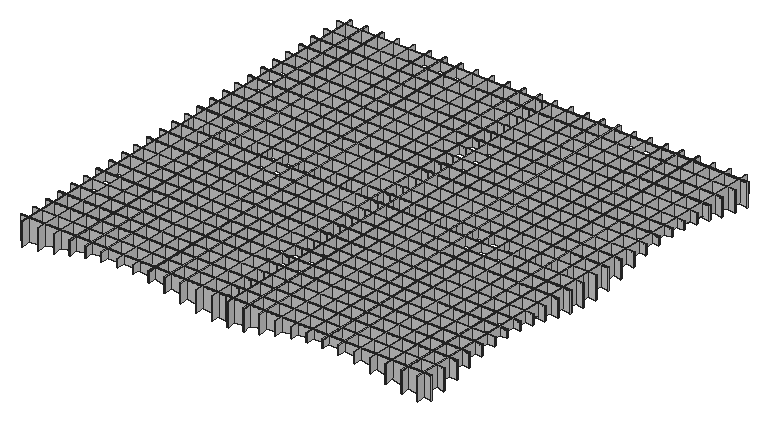
Revit family "CLD-WFL-002_RFA", category Modelos genéricos, Revit 2022 (continued)
Forms (in)
  Extrusion 209, solid, not visible
    sketch origin (86.99978, 104.20833, 0) x (0, -1, 0) y (0, 0, 1)
      loop
        spline (20.52778, 4.85054) -> (21.26115, 4.88062) -> (21.99402, 4.90823) -> (22.72646, 4.93347) -> (23.45851, 4.95644) -> (24.19026, 4.97724) -> (24.92176, 4.99598) -> (25.65309, 5.01275) -> (26.38429, 5.02764) -> (27.11545, 5.04077) -> (27.84661, 5.05223) -> (28.57785, 5.06211) -> (29.30922, 5.07053)
        spline (29.30922, 5.07053) -> (29.95995, 5.07584) -> (30.61094, 5.08009) -> (31.26223, 5.08336) -> (31.91387, 5.08574) -> (32.56591, 5.08733) -> (33.21841, 5.0882) -> (33.87141, 5.08846) -> (34.52497, 5.08817) -> (35.17914, 5.08744) -> (35.83396, 5.08636) -> (36.48949, 5.085) -> (37.14578, 5.08346)
        spline (37.14578, 5.08346) -> (37.87194, 5.08165) -> (38.59907, 5.0799) -> (39.32723, 5.0783) -> (40.05647, 5.07696) -> (40.78684, 5.07594) -> (41.51831, 5.07527) -> (42.25083, 5.07491) -> (42.98434, 5.07483) -> (43.7188, 5.075) -> (44.45413, 5.07538) -> (45.19029, 5.07596) -> (45.92722, 5.0767)
        spline (45.92722, 5.0767) -> (46.57816, 5.07753) -> (47.22964, 5.07843) -> (47.88162, 5.07937) -> (48.53404, 5.08033) -> (49.18687, 5.08128) -> (49.84004, 5.0822) -> (50.49352, 5.08306) -> (51.14725, 5.08383) -> (51.80119, 5.0845) -> (52.45529, 5.08503) -> (53.1095, 5.0854) -> (53.76378, 5.08558)
        spline (53.76378, 5.08558) -> (54.49695, 5.08542) -> (55.23004, 5.08505) -> (55.96301, 5.0845) -> (56.6958, 5.0838) -> (57.42835, 5.08298) -> (58.16062, 5.08206) -> (58.89255, 5.08107) -> (59.62408, 5.08005) -> (60.35517, 5.07902) -> (61.08576, 5.07801) -> (61.81579, 5.07705) -> (62.54522, 5.07616)
        spline (62.54522, 5.07616) -> (63.20286, 5.07551) -> (63.85981, 5.075) -> (64.51602, 5.07466) -> (65.17144, 5.07452) -> (65.82603, 5.0746) -> (66.47973, 5.07493) -> (67.1325, 5.07554) -> (67.78428, 5.07645) -> (68.43505, 5.07766) -> (69.08486, 5.07909) -> (69.73376, 5.08066) -> (70.38178, 5.08229)
        spline (70.38178, 5.08229) -> (71.1172, 5.08386) -> (71.85177, 5.08523) -> (72.58555, 5.08629) -> (73.31859, 5.08695) -> (74.05095, 5.08712) -> (74.78269, 5.08668) -> (75.51386, 5.08555) -> (76.24453, 5.08362) -> (76.97474, 5.08079) -> (77.70455, 5.07697) -> (78.43403, 5.07206) -> (79.16322, 5.06596)
        spline (79.16322, 5.06596) -> (79.81589, 5.05858) -> (80.46845, 5.04989) -> (81.12094, 5.0398) -> (81.77342, 5.02821) -> (82.42595, 5.01505) -> (83.07858, 5.00022) -> (83.73137, 4.98363) -> (84.38439, 4.9652) -> (85.03768, 4.94483) -> (85.6913, 4.92244) -> (86.34531, 4.89793) -> (86.99978, 4.87123)
        spline (86.99978, 4.87123) -> (87.72677, 4.83707) -> (88.45442, 4.80022) -> (89.18281, 4.7606) -> (89.91198, 4.7181) -> (90.642, 4.67263) -> (91.37294, 4.62408) -> (92.10486, 4.57237) -> (92.83781, 4.5174) -> (93.57187, 4.45907) -> (94.3071, 4.39728) -> (95.04355, 4.33194) -> (95.78122, 4.26301)
        spline (95.78122, 4.26301) -> (96.43065, 4.19725) -> (97.08095, 4.12847) -> (97.73207, 4.05667) -> (98.38393, 3.9819) -> (99.03648, 3.90417) -> (99.68963, 3.82352) -> (100.34334, 3.73996) -> (100.99753, 3.65352) -> (101.65213, 3.56424) -> (102.30709, 3.47213) -> (102.96233, 3.37722) -> (103.61778, 3.27954)
        spline (103.61778, 3.27954) -> (103.98302, 3.22342) -> (104.34828, 3.16655) -> (104.71355, 3.10893) -> (105.07882, 3.05057) -> (105.44409, 2.99146) -> (105.80934, 2.93162) -> (106.17456, 2.87105) -> (106.53976, 2.80974) -> (106.9049, 2.74771) -> (107.27, 2.68496) -> (107.63504, 2.62148) -> (108, 2.55729)
        line (108, 2.55729) -> (108, 11.82144)
    from -0.47244 to 0
  Extrusion 210, solid, not visible
    sketch origin (87.47222, 104.20833, 0) x (0, -1, 0) y (0, 0, 1)
      loop
        line (108, 11.82144) -> (0, 11.82144) -> (0, 2.55729)
        spline (0, 2.55729) -> (0.32561, 2.61504) -> (0.65129, 2.67215) -> (0.97702, 2.72862) -> (1.3028, 2.78445) -> (1.62862, 2.83963) -> (1.95447, 2.89415) -> (2.28035, 2.94802) -> (2.60624, 3.00123) -> (2.93213, 3.05379) -> (3.25803, 3.10567) -> (3.58391, 3.15689) -> (3.90978, 3.20744)
        spline (3.90978, 3.20744) -> (4.64427, 3.31686) -> (5.37851, 3.42317) -> (6.11243, 3.52634) -> (6.84596, 3.62635) -> (7.57903, 3.72316) -> (8.31156, 3.81675) -> (9.04347, 3.90709) -> (9.77469, 3.99415) -> (10.50515, 4.07789) -> (11.23478, 4.1583) -> (11.96349, 4.23534) -> (12.69122, 4.30898)
        spline (12.69122, 4.30898) -> (13.34952, 4.37039) -> (14.00673, 4.4286) -> (14.66285, 4.48364) -> (15.31792, 4.53559) -> (15.97202, 4.58455) -> (16.62518, 4.63059) -> (17.27747, 4.67381) -> (17.92894, 4.71429) -> (18.57965, 4.75212) -> (19.22966, 4.78738) -> (19.87902, 4.82016) -> (20.52778, 4.85054)
        spline (20.52778, 4.85054) -> (21.26115, 4.88062) -> (21.99402, 4.90823) -> (22.72646, 4.93347) -> (23.45851, 4.95644) -> (24.19026, 4.97724) -> (24.92176, 4.99598) -> (25.65309, 5.01275) -> (26.38429, 5.02764) -> (27.11545, 5.04077) -> (27.84661, 5.05223) -> (28.57785, 5.06211) -> (29.30922, 5.07053)
        spline (29.30922, 5.07053) -> (29.95995, 5.07584) -> (30.61094, 5.08009) -> (31.26223, 5.08336) -> (31.91387, 5.08574) -> (32.56591, 5.08733) -> (33.21841, 5.0882) -> (33.87141, 5.08846) -> (34.52497, 5.08817) -> (35.17914, 5.08744) -> (35.83396, 5.08636) -> (36.48949, 5.085) -> (37.14578, 5.08346)
        spline (37.14578, 5.08346) -> (37.87194, 5.08165) -> (38.59907, 5.0799) -> (39.32723, 5.0783) -> (40.05647, 5.07696) -> (40.78684, 5.07594) -> (41.51831, 5.07527) -> (42.25083, 5.07491) -> (42.98434, 5.07483) -> (43.7188, 5.075) -> (44.45413, 5.07538) -> (45.19029, 5.07596) -> (45.92722, 5.0767)
        spline (45.92722, 5.0767) -> (46.57816, 5.07753) -> (47.22964, 5.07843) -> (47.88162, 5.07937) -> (48.53404, 5.08033) -> (49.18687, 5.08128) -> (49.84004, 5.0822) -> (50.49352, 5.08306) -> (51.14725, 5.08383) -> (51.80119, 5.0845) -> (52.45529, 5.08503) -> (53.1095, 5.0854) -> (53.76378, 5.08558)
        spline (53.76378, 5.08558) -> (54.49695, 5.08542) -> (55.23004, 5.08505) -> (55.96301, 5.0845) -> (56.6958, 5.0838) -> (57.42835, 5.08298) -> (58.16062, 5.08206) -> (58.89255, 5.08107) -> (59.62408, 5.08005) -> (60.35517, 5.07902) -> (61.08576, 5.07801) -> (61.81579, 5.07705) -> (62.54522, 5.07616)
        spline (62.54522, 5.07616) -> (63.20286, 5.07551) -> (63.85981, 5.075) -> (64.51602, 5.07466) -> (65.17144, 5.07452) -> (65.82603, 5.0746) -> (66.47973, 5.07493) -> (67.1325, 5.07554) -> (67.78428, 5.07645) -> (68.43505, 5.07766) -> (69.08486, 5.07909) -> (69.73376, 5.08066) -> (70.38178, 5.08229)
        spline (70.38178, 5.08229) -> (71.1172, 5.08386) -> (71.85177, 5.08523) -> (72.58555, 5.08629) -> (73.31859, 5.08695) -> (74.05095, 5.08712) -> (74.78269, 5.08668) -> (75.51386, 5.08555) -> (76.24453, 5.08362) -> (76.97474, 5.08079) -> (77.70455, 5.07697) -> (78.43403, 5.07206) -> (79.16322, 5.06596)
        spline (79.16322, 5.06596) -> (79.81589, 5.05858) -> (80.46845, 5.04989) -> (81.12094, 5.0398) -> (81.77342, 5.02821) -> (82.42595, 5.01505) -> (83.07858, 5.00022) -> (83.73137, 4.98363) -> (84.38439, 4.9652) -> (85.03768, 4.94483) -> (85.6913, 4.92244) -> (86.34531, 4.89793) -> (86.99978, 4.87123)
        spline (86.99978, 4.87123) -> (87.72677, 4.83707) -> (88.45442, 4.80022) -> (89.18281, 4.7606) -> (89.91198, 4.7181) -> (90.642, 4.67263) -> (91.37294, 4.62408) -> (92.10486, 4.57237) -> (92.83781, 4.5174) -> (93.57187, 4.45907) -> (94.3071, 4.39728) -> (95.04355, 4.33194) -> (95.78122, 4.26301)
        spline (95.78122, 4.26301) -> (96.43065, 4.19725) -> (97.08095, 4.12847) -> (97.73207, 4.05667) -> (98.38393, 3.9819) -> (99.03648, 3.90417) -> (99.68963, 3.82352) -> (100.34334, 3.73996) -> (100.99753, 3.65352) -> (101.65213, 3.56424) -> (102.30709, 3.47213) -> (102.96233, 3.37722) -> (103.61778, 3.27954)
        spline (103.61778, 3.27954) -> (103.98302, 3.22342) -> (104.34828, 3.16655) -> (104.71355, 3.10893) -> (105.07882, 3.05057) -> (105.44409, 2.99146) -> (105.80934, 2.93162) -> (106.17456, 2.87105) -> (106.53976, 2.80974) -> (106.9049, 2.74771) -> (107.27, 2.68496) -> (107.63504, 2.62148) -> (108, 2.55729)
        line (108, 2.55729) -> (108, 11.82144)
    from -0.11811 to 0
  Extrusion 211, solid, not visible
    sketch origin (95.19067, 104.20833, 0) x (0, -1, 0) y (0, 0, 1)
      loop
        line (108, 11.82144) -> (0, 11.82144) -> (0, 0.88375)
        spline (0, 0.88375) -> (0.32561, 0.94348) -> (0.65129, 1.00296) -> (0.97702, 1.06219) -> (1.3028, 1.12116) -> (1.62862, 1.1799) -> (1.95447, 1.23838) -> (2.28035, 1.29662) -> (2.60624, 1.35462) -> (2.93213, 1.41237) -> (3.25803, 1.46988) -> (3.58391, 1.52715) -> (3.90978, 1.58418)
        spline (3.90978, 1.58418) -> (4.64426, 1.71122) -> (5.37851, 1.8372) -> (6.11243, 1.96212) -> (6.84596, 2.086) -> (7.57903, 2.20885) -> (8.31155, 2.33067) -> (9.04347, 2.45149) -> (9.77469, 2.57131) -> (10.50515, 2.69014) -> (11.23478, 2.80798) -> (11.96349, 2.92486) -> (12.69122, 3.04079)
        spline (12.69122, 3.04079) -> (13.34952, 3.14441) -> (14.00673, 3.24717) -> (14.66285, 3.34906) -> (15.31792, 3.45005) -> (15.97202, 3.55011) -> (16.62518, 3.64921) -> (17.27747, 3.74732) -> (17.92894, 3.8444) -> (18.57965, 3.94043) -> (19.22966, 4.03537) -> (19.87902, 4.12919) -> (20.52778, 4.22187)
        spline (20.52778, 4.22187) -> (21.26116, 4.32437) -> (21.99403, 4.42546) -> (22.72646, 4.52511) -> (23.45852, 4.62328) -> (24.19027, 4.71993) -> (24.92177, 4.81503) -> (25.6531, 4.90854) -> (26.3843, 5.00042) -> (27.11545, 5.09065) -> (27.84662, 5.17918) -> (28.57786, 5.26598) -> (29.30922, 5.35101)
        spline (29.30922, 5.35101) -> (29.95995, 5.42391) -> (30.61094, 5.49516) -> (31.26223, 5.56472) -> (31.91387, 5.63257) -> (32.56591, 5.69867) -> (33.21841, 5.763) -> (33.87141, 5.82551) -> (34.52497, 5.88618) -> (35.17914, 5.94498) -> (35.83396, 6.00187) -> (36.48949, 6.05683) -> (37.14578, 6.10982)
        spline (37.14578, 6.10982) -> (37.87194, 6.16453) -> (38.59907, 6.21702) -> (39.32723, 6.26723) -> (40.05647, 6.31514) -> (40.78684, 6.36072) -> (41.51831, 6.40397) -> (42.25083, 6.44489) -> (42.98434, 6.4835) -> (43.71879, 6.51981) -> (44.45413, 6.55383) -> (45.19029, 6.58557) -> (45.92722, 6.61503)
        spline (45.92722, 6.61503) -> (46.57816, 6.6376) -> (47.22964, 6.65822) -> (47.88162, 6.67689) -> (48.53404, 6.69363) -> (49.18687, 6.70845) -> (49.84004, 6.72134) -> (50.49352, 6.73234) -> (51.14725, 6.74143) -> (51.80119, 6.74863) -> (52.45529, 6.75396) -> (53.1095, 6.75742) -> (53.76378, 6.75901)
        spline (53.76378, 6.75901) -> (54.49695, 6.7572) -> (55.23004, 6.75331) -> (55.96301, 6.74732) -> (56.6958, 6.73922) -> (57.42835, 6.72901) -> (58.16062, 6.71667) -> (58.89255, 6.7022) -> (59.62408, 6.68557) -> (60.35517, 6.66679) -> (61.08576, 6.64585) -> (61.81579, 6.62272) -> (62.54522, 6.59741)
        spline (62.54522, 6.59741) -> (63.20286, 6.57112) -> (63.85981, 6.54281) -> (64.51602, 6.51247) -> (65.17144, 6.48008) -> (65.82603, 6.44563) -> (66.47973, 6.40912) -> (67.1325, 6.37054) -> (67.78428, 6.32988) -> (68.43505, 6.28713) -> (69.08486, 6.24233) -> (69.73376, 6.19551) -> (70.38178, 6.14669)
        spline (70.38178, 6.14669) -> (71.1172, 6.08737) -> (71.85177, 6.02584) -> (72.58554, 5.96214) -> (73.31858, 5.89631) -> (74.05094, 5.82838) -> (74.78268, 5.75838) -> (75.51386, 5.68636) -> (76.24452, 5.61234) -> (76.97473, 5.53637) -> (77.70455, 5.45847) -> (78.43403, 5.37869) -> (79.16322, 5.29705)
        spline (79.16322, 5.29705) -> (79.81589, 5.22111) -> (80.46845, 5.14359) -> (81.12094, 5.06452) -> (81.77342, 4.98394) -> (82.42595, 4.90188) -> (83.07858, 4.81837) -> (83.73137, 4.73344) -> (84.38439, 4.64713) -> (85.03768, 4.55947) -> (85.6913, 4.47048) -> (86.34531, 4.3802) -> (86.99978, 4.28866)
        spline (86.99978, 4.28866) -> (87.72677, 4.18488) -> (88.45442, 4.07981) -> (89.1828, 3.97349) -> (89.91197, 3.86595) -> (90.64199, 3.75723) -> (91.37293, 3.64737) -> (92.10485, 3.53639) -> (92.8378, 3.42433) -> (93.57186, 3.31123) -> (94.30709, 3.19712) -> (95.04354, 3.08203) -> (95.78122, 2.96599)
        spline (95.78122, 2.96599) -> (96.4698, 2.85601) -> (97.15931, 2.74512) -> (97.84968, 2.63332) -> (98.54085, 2.52058) -> (99.23273, 2.40692) -> (99.92527, 2.2923) -> (100.61838, 2.17673) -> (101.31201, 2.06019) -> (102.00608, 1.94268) -> (102.70052, 1.82418) -> (103.39525, 1.70469) -> (104.09022, 1.58418)
        spline (104.09022, 1.58418) -> (104.41609, 1.52715) -> (104.74197, 1.46988) -> (105.06787, 1.41237) -> (105.39376, 1.35462) -> (105.71965, 1.29662) -> (106.04553, 1.23838) -> (106.37138, 1.1799) -> (106.6972, 1.12116) -> (107.02298, 1.06219) -> (107.34871, 1.00296) -> (107.67439, 0.94348) -> (108, 0.88375)
        line (108, 0.88375) -> (108, 11.82144)
    from -0.11811 to 0
  Extrusion 212, solid, not visible
    sketch origin (95.66311, 104.20833, 0) x (0, -1, 0) y (0, 0, 1)
      loop
        line (108, 11.82144) -> (0, 11.82144) -> (0, 0.88375)
        spline (0, 0.88375) -> (0.32561, 0.94348) -> (0.65129, 1.00296) -> (0.97702, 1.06219) -> (1.3028, 1.12116) -> (1.62862, 1.1799) -> (1.95447, 1.23838) -> (2.28035, 1.29662) -> (2.60624, 1.35462) -> (2.93213, 1.41237) -> (3.25803, 1.46988) -> (3.58391, 1.52715) -> (3.90978, 1.58418)
        spline (3.90978, 1.58418) -> (4.64426, 1.71122) -> (5.37851, 1.8372) -> (6.11243, 1.96212) -> (6.84596, 2.086) -> (7.57903, 2.20885) -> (8.31155, 2.33067) -> (9.04347, 2.45149) -> (9.77469, 2.57131) -> (10.50515, 2.69014) -> (11.23478, 2.80798) -> (11.96349, 2.92486) -> (12.69122, 3.04079)
        spline (12.69122, 3.04079) -> (13.34952, 3.14441) -> (14.00673, 3.24717) -> (14.66285, 3.34906) -> (15.31792, 3.45005) -> (15.97202, 3.55011) -> (16.62518, 3.64921) -> (17.27747, 3.74732) -> (17.92894, 3.8444) -> (18.57965, 3.94043) -> (19.22966, 4.03537) -> (19.87902, 4.12919) -> (20.52778, 4.22187)
        spline (20.52778, 4.22187) -> (21.26116, 4.32437) -> (21.99403, 4.42546) -> (22.72646, 4.52511) -> (23.45852, 4.62328) -> (24.19027, 4.71993) -> (24.92177, 4.81503) -> (25.6531, 4.90854) -> (26.3843, 5.00042) -> (27.11545, 5.09065) -> (27.84662, 5.17918) -> (28.57786, 5.26598) -> (29.30922, 5.35101)
        spline (29.30922, 5.35101) -> (29.95995, 5.42391) -> (30.61094, 5.49516) -> (31.26223, 5.56472) -> (31.91387, 5.63257) -> (32.56591, 5.69867) -> (33.21841, 5.763) -> (33.87141, 5.82551) -> (34.52497, 5.88618) -> (35.17914, 5.94498) -> (35.83396, 6.00187) -> (36.48949, 6.05683) -> (37.14578, 6.10982)
        spline (37.14578, 6.10982) -> (37.87194, 6.16453) -> (38.59907, 6.21702) -> (39.32723, 6.26723) -> (40.05647, 6.31514) -> (40.78684, 6.36072) -> (41.51831, 6.40397) -> (42.25083, 6.44489) -> (42.98434, 6.4835) -> (43.71879, 6.51981) -> (44.45413, 6.55383) -> (45.19029, 6.58557) -> (45.92722, 6.61503)
        spline (45.92722, 6.61503) -> (46.57816, 6.6376) -> (47.22964, 6.65822) -> (47.88162, 6.67689) -> (48.53404, 6.69363) -> (49.18687, 6.70845) -> (49.84004, 6.72134) -> (50.49352, 6.73234) -> (51.14725, 6.74143) -> (51.80119, 6.74863) -> (52.45529, 6.75396) -> (53.1095, 6.75742) -> (53.76378, 6.75901)
        spline (53.76378, 6.75901) -> (54.49695, 6.7572) -> (55.23004, 6.75331) -> (55.96301, 6.74732) -> (56.6958, 6.73922) -> (57.42835, 6.72901) -> (58.16062, 6.71667) -> (58.89255, 6.7022) -> (59.62408, 6.68557) -> (60.35517, 6.66679) -> (61.08576, 6.64585) -> (61.81579, 6.62272) -> (62.54522, 6.59741)
        spline (62.54522, 6.59741) -> (63.20286, 6.57112) -> (63.85981, 6.54281) -> (64.51602, 6.51247) -> (65.17144, 6.48008) -> (65.82603, 6.44563) -> (66.47973, 6.40912) -> (67.1325, 6.37054) -> (67.78428, 6.32988) -> (68.43505, 6.28713) -> (69.08486, 6.24233) -> (69.73376, 6.19551) -> (70.38178, 6.14669)
        spline (70.38178, 6.14669) -> (71.1172, 6.08737) -> (71.85177, 6.02584) -> (72.58554, 5.96214) -> (73.31858, 5.89631) -> (74.05094, 5.82838) -> (74.78268, 5.75838) -> (75.51386, 5.68636) -> (76.24452, 5.61234) -> (76.97473, 5.53637) -> (77.70455, 5.45847) -> (78.43403, 5.37869) -> (79.16322, 5.29705)
        spline (79.16322, 5.29705) -> (79.81589, 5.22111) -> (80.46845, 5.14359) -> (81.12094, 5.06452) -> (81.77342, 4.98394) -> (82.42595, 4.90188) -> (83.07858, 4.81837) -> (83.73137, 4.73344) -> (84.38439, 4.64713) -> (85.03768, 4.55947) -> (85.6913, 4.47048) -> (86.34531, 4.3802) -> (86.99978, 4.28866)
        spline (86.99978, 4.28866) -> (87.72677, 4.18488) -> (88.45442, 4.07981) -> (89.1828, 3.97349) -> (89.91197, 3.86595) -> (90.64199, 3.75723) -> (91.37293, 3.64737) -> (92.10485, 3.53639) -> (92.8378, 3.42433) -> (93.57186, 3.31123) -> (94.30709, 3.19712) -> (95.04354, 3.08203) -> (95.78122, 2.96599)
        spline (95.78122, 2.96599) -> (96.4698, 2.85601) -> (97.15931, 2.74512) -> (97.84968, 2.63332) -> (98.54085, 2.52058) -> (99.23273, 2.40692) -> (99.92527, 2.2923) -> (100.61838, 2.17673) -> (101.31201, 2.06019) -> (102.00608, 1.94268) -> (102.70052, 1.82418) -> (103.39525, 1.70469) -> (104.09022, 1.58418)
        spline (104.09022, 1.58418) -> (104.41609, 1.52715) -> (104.74197, 1.46988) -> (105.06787, 1.41237) -> (105.39376, 1.35462) -> (105.71965, 1.29662) -> (106.04553, 1.23838) -> (106.37138, 1.1799) -> (106.6972, 1.12116) -> (107.02298, 1.06219) -> (107.34871, 1.00296) -> (107.67439, 0.94348) -> (108, 0.88375)
        line (108, 0.88375) -> (108, 11.82144)
    from -0.11811 to 0.35433
  Extrusion 213, solid, not visible
    sketch origin (95.78122, 104.20833, 0) x (0, -1, 0) y (0, 0, 1)
      loop
        line (108, 11.82144) -> (0, 11.82144) -> (0, 0.88375)
        spline (0, 0.88375) -> (0.32561, 0.94348) -> (0.65129, 1.00296) -> (0.97702, 1.06219) -> (1.3028, 1.12116) -> (1.62862, 1.1799) -> (1.95447, 1.23838) -> (2.28035, 1.29662) -> (2.60624, 1.35462) -> (2.93213, 1.41237) -> (3.25803, 1.46988) -> (3.58391, 1.52715) -> (3.90978, 1.58418)
        spline (3.90978, 1.58418) -> (4.64426, 1.71122) -> (5.37851, 1.8372) -> (6.11243, 1.96212) -> (6.84596, 2.086) -> (7.57903, 2.20885) -> (8.31155, 2.33067) -> (9.04347, 2.45149) -> (9.77469, 2.57131) -> (10.50515, 2.69014) -> (11.23478, 2.80798) -> (11.96349, 2.92486) -> (12.69122, 3.04079)
        spline (12.69122, 3.04079) -> (13.34952, 3.14441) -> (14.00673, 3.24717) -> (14.66285, 3.34906) -> (15.31792, 3.45005) -> (15.97202, 3.55011) -> (16.62518, 3.64921) -> (17.27747, 3.74732) -> (17.92894, 3.8444) -> (18.57965, 3.94043) -> (19.22966, 4.03537) -> (19.87902, 4.12919) -> (20.52778, 4.22187)
        spline (20.52778, 4.22187) -> (21.26116, 4.32437) -> (21.99403, 4.42546) -> (22.72646, 4.52511) -> (23.45852, 4.62328) -> (24.19027, 4.71993) -> (24.92177, 4.81503) -> (25.6531, 4.90854) -> (26.3843, 5.00042) -> (27.11545, 5.09065) -> (27.84662, 5.17918) -> (28.57786, 5.26598) -> (29.30922, 5.35101)
        spline (29.30922, 5.35101) -> (29.95995, 5.42391) -> (30.61094, 5.49516) -> (31.26223, 5.56472) -> (31.91387, 5.63257) -> (32.56591, 5.69867) -> (33.21841, 5.763) -> (33.87141, 5.82551) -> (34.52497, 5.88618) -> (35.17914, 5.94498) -> (35.83396, 6.00187) -> (36.48949, 6.05683) -> (37.14578, 6.10982)
        spline (37.14578, 6.10982) -> (37.87194, 6.16453) -> (38.59907, 6.21702) -> (39.32723, 6.26723) -> (40.05647, 6.31514) -> (40.78684, 6.36072) -> (41.51831, 6.40397) -> (42.25083, 6.44489) -> (42.98434, 6.4835) -> (43.71879, 6.51981) -> (44.45413, 6.55383) -> (45.19029, 6.58557) -> (45.92722, 6.61503)
        spline (45.92722, 6.61503) -> (46.57816, 6.6376) -> (47.22964, 6.65822) -> (47.88162, 6.67689) -> (48.53404, 6.69363) -> (49.18687, 6.70845) -> (49.84004, 6.72134) -> (50.49352, 6.73234) -> (51.14725, 6.74143) -> (51.80119, 6.74863) -> (52.45529, 6.75396) -> (53.1095, 6.75742) -> (53.76378, 6.75901)
        spline (53.76378, 6.75901) -> (54.49695, 6.7572) -> (55.23004, 6.75331) -> (55.96301, 6.74732) -> (56.6958, 6.73922) -> (57.42835, 6.72901) -> (58.16062, 6.71667) -> (58.89255, 6.7022) -> (59.62408, 6.68557) -> (60.35517, 6.66679) -> (61.08576, 6.64585) -> (61.81579, 6.62272) -> (62.54522, 6.59741)
        spline (62.54522, 6.59741) -> (63.20286, 6.57112) -> (63.85981, 6.54281) -> (64.51602, 6.51247) -> (65.17144, 6.48008) -> (65.82603, 6.44563) -> (66.47973, 6.40912) -> (67.1325, 6.37054) -> (67.78428, 6.32988) -> (68.43505, 6.28713) -> (69.08486, 6.24233) -> (69.73376, 6.19551) -> (70.38178, 6.14669)
        spline (70.38178, 6.14669) -> (71.1172, 6.08737) -> (71.85177, 6.02584) -> (72.58554, 5.96214) -> (73.31858, 5.89631) -> (74.05094, 5.82838) -> (74.78268, 5.75838) -> (75.51386, 5.68636) -> (76.24452, 5.61234) -> (76.97473, 5.53637) -> (77.70455, 5.45847) -> (78.43403, 5.37869) -> (79.16322, 5.29705)
        spline (79.16322, 5.29705) -> (79.81589, 5.22111) -> (80.46845, 5.14359) -> (81.12094, 5.06452) -> (81.77342, 4.98394) -> (82.42595, 4.90188) -> (83.07858, 4.81837) -> (83.73137, 4.73344) -> (84.38439, 4.64713) -> (85.03768, 4.55947) -> (85.6913, 4.47048) -> (86.34531, 4.3802) -> (86.99978, 4.28866)
        spline (86.99978, 4.28866) -> (87.72677, 4.18488) -> (88.45442, 4.07981) -> (89.1828, 3.97349) -> (89.91197, 3.86595) -> (90.64199, 3.75723) -> (91.37293, 3.64737) -> (92.10485, 3.53639) -> (92.8378, 3.42433) -> (93.57186, 3.31123) -> (94.30709, 3.19712) -> (95.04354, 3.08203) -> (95.78122, 2.96599)
        spline (95.78122, 2.96599) -> (96.4698, 2.85601) -> (97.15931, 2.74512) -> (97.84968, 2.63332) -> (98.54085, 2.52058) -> (99.23273, 2.40692) -> (99.92527, 2.2923) -> (100.61838, 2.17673) -> (101.31201, 2.06019) -> (102.00608, 1.94268) -> (102.70052, 1.82418) -> (103.39525, 1.70469) -> (104.09022, 1.58418)
        spline (104.09022, 1.58418) -> (104.41609, 1.52715) -> (104.74197, 1.46988) -> (105.06787, 1.41237) -> (105.39376, 1.35462) -> (105.71965, 1.29662) -> (106.04553, 1.23838) -> (106.37138, 1.1799) -> (106.6972, 1.12116) -> (107.02298, 1.06219) -> (107.34871, 1.00296) -> (107.67439, 0.94348) -> (108, 0.88375)
        line (108, 0.88375) -> (108, 11.82144)
    from -0.11811 to 0
  Extrusion 214, solid, not visible
    sketch origin (103.49967, 104.20833, 0) x (0, -1, 0) y (0, 0, 1)
      loop
        line (108, 11.82144) -> (0, 11.82144) -> (0, 0)
        spline (0, 0) -> (0.32561, 0.03535) -> (0.65129, 0.07108) -> (0.97702, 0.10719) -> (1.3028, 0.14369) -> (1.62862, 0.18058) -> (1.95447, 0.21788) -> (2.28035, 0.25557) -> (2.60624, 0.29369) -> (2.93213, 0.33222) -> (3.25803, 0.37118) -> (3.58391, 0.41056) -> (3.90978, 0.45039)
        spline (3.90978, 0.45039) -> (4.64427, 0.54331) -> (5.37851, 0.63835) -> (6.11243, 0.73557) -> (6.84597, 0.83501) -> (7.57904, 0.93675) -> (8.31156, 1.04084) -> (9.04347, 1.14734) -> (9.7747, 1.25631) -> (10.50516, 1.36779) -> (11.23478, 1.48186) -> (11.96349, 1.59857) -> (12.69122, 1.71798)
        spline (12.69122, 1.71798) -> (13.38922, 1.83797) -> (14.08606, 1.96074) -> (14.78174, 2.08623) -> (15.47631, 2.21426) -> (16.16984, 2.34463) -> (16.86238, 2.47718) -> (17.55399, 2.61172) -> (18.24473, 2.74807) -> (18.93467, 2.88604) -> (19.62386, 3.02546) -> (20.31235, 3.16614) -> (21.00022, 3.30789)
        spline (21.00022, 3.30789) -> (21.65469, 3.44372) -> (22.3087, 3.5801) -> (22.96232, 3.71687) -> (23.61561, 3.85384) -> (24.26863, 3.99083) -> (24.92142, 4.12768) -> (25.57405, 4.2642) -> (26.22658, 4.40021) -> (26.87906, 4.53554) -> (27.53155, 4.67001) -> (28.18411, 4.80344) -> (28.83678, 4.93566)
        spline (28.83678, 4.93566) -> (29.71888, 5.11051) -> (30.60133, 5.28308) -> (31.48418, 5.45313) -> (32.36752, 5.62042) -> (33.25139, 5.78471) -> (34.13589, 5.94577) -> (35.02106, 6.10336) -> (35.90699, 6.25724) -> (36.79374, 6.40717) -> (37.68137, 6.55291) -> (38.56997, 6.69423) -> (39.45958, 6.83089)
        spline (39.45958, 6.83089) -> (39.81456, 6.88206) -> (40.17002, 6.93114) -> (40.52597, 6.97806) -> (40.88246, 7.0227) -> (41.2395, 7.065) -> (41.59707, 7.10495) -> (41.95516, 7.14258) -> (42.31373, 7.17791) -> (42.67277, 7.21097) -> (43.03223, 7.2418) -> (43.3921, 7.27043) -> (43.75234, 7.29687)
        spline (43.75234, 7.29687) -> (44.62318, 7.35197) -> (45.49474, 7.40207) -> (46.36696, 7.44722) -> (47.23979, 7.48751) -> (48.11314, 7.52299) -> (48.98697, 7.55374) -> (49.8612, 7.57983) -> (50.73577, 7.60132) -> (51.61063, 7.61828) -> (52.48569, 7.63078) -> (53.36091, 7.63889) -> (54.23622, 7.64268)
        spline (54.23622, 7.64268) -> (54.8905, 7.63994) -> (55.54471, 7.63396) -> (56.19881, 7.62471) -> (56.85275, 7.61212) -> (57.50648, 7.59614) -> (58.15996, 7.57673) -> (58.81313, 7.55383) -> (59.46596, 7.5274) -> (60.11838, 7.49738) -> (60.77036, 7.46371) -> (61.42184, 7.42635) -> (62.07278, 7.38525)
        spline (62.07278, 7.38525) -> (62.80971, 7.33115) -> (63.54587, 7.27259) -> (64.28121, 7.20951) -> (65.01566, 7.14186) -> (65.74917, 7.06957) -> (66.48169, 6.99259) -> (67.21316, 6.91086) -> (67.94353, 6.82432) -> (68.67277, 6.73297) -> (69.40093, 6.637) -> (70.12806, 6.53658) -> (70.85422, 6.4319)
        spline (70.85422, 6.4319) -> (71.51051, 6.33081) -> (72.16604, 6.22628) -> (72.82086, 6.11849) -> (73.47503, 6.00761) -> (74.12859, 5.89382) -> (74.78159, 5.7773) -> (75.43409, 5.65821) -> (76.08613, 5.53673) -> (76.73777, 5.41305) -> (77.38906, 5.28733) -> (78.04005, 5.15975) -> (78.69078, 5.03049)
        spline (78.69078, 5.03049) -> (79.42214, 4.88265) -> (80.15338, 4.73345) -> (80.88454, 4.58309) -> (81.6157, 4.43177) -> (82.3469, 4.27969) -> (83.07823, 4.12703) -> (83.80973, 3.97401) -> (84.54148, 3.82083) -> (85.27354, 3.66767) -> (86.00597, 3.51473) -> (86.73884, 3.36223) -> (87.47222, 3.21035)
        spline (87.47222, 3.21035) -> (88.12098, 3.07725) -> (88.77034, 2.94516) -> (89.42035, 2.81427) -> (90.07106, 2.68474) -> (90.72253, 2.55674) -> (91.37482, 2.43044) -> (92.02798, 2.30602) -> (92.68208, 2.18365) -> (93.33715, 2.0635) -> (93.99327, 1.94575) -> (94.65048, 1.83055) -> (95.30878, 1.71798)
        spline (95.30878, 1.71798) -> (96.03651, 1.59857) -> (96.76522, 1.48186) -> (97.49484, 1.36779) -> (98.2253, 1.25631) -> (98.95653, 1.14734) -> (99.68844, 1.04084) -> (100.42096, 0.93675) -> (101.15403, 0.83501) -> (101.88757, 0.73557) -> (102.62149, 0.63835) -> (103.35573, 0.54331) -> (104.09022, 0.45039)
        spline (104.09022, 0.45039) -> (104.41609, 0.41056) -> (104.74197, 0.37118) -> (105.06787, 0.33222) -> (105.39376, 0.29369) -> (105.71965, 0.25557) -> (106.04553, 0.21788) -> (106.37138, 0.18058) -> (106.6972, 0.14369) -> (107.02298, 0.10719) -> (107.34871, 0.07108) -> (107.67439, 0.03535) -> (108, 0)
        line (108, 0) -> (108, 11.82144)
    from -0.11811 to 0
  Extrusion 215, solid, not visible
    sketch origin (104.09022, 104.20833, 0) x (0, -1, 0) y (0, 0, 1)
      loop
        line (108, 11.82144) -> (0, 11.82144) -> (0, 0)
        spline (0, 0) -> (0.32561, 0.03535) -> (0.65129, 0.07108) -> (0.97702, 0.10719) -> (1.3028, 0.14369) -> (1.62862, 0.18058) -> (1.95447, 0.21788) -> (2.28035, 0.25557) -> (2.60624, 0.29369) -> (2.93213, 0.33222) -> (3.25803, 0.37118) -> (3.58391, 0.41056) -> (3.90978, 0.45039)
        spline (3.90978, 0.45039) -> (4.64427, 0.54331) -> (5.37851, 0.63835) -> (6.11243, 0.73557) -> (6.84597, 0.83501) -> (7.57904, 0.93675) -> (8.31156, 1.04084) -> (9.04347, 1.14734) -> (9.7747, 1.25631) -> (10.50516, 1.36779) -> (11.23478, 1.48186) -> (11.96349, 1.59857) -> (12.69122, 1.71798)
        spline (12.69122, 1.71798) -> (13.38922, 1.83797) -> (14.08606, 1.96074) -> (14.78174, 2.08623) -> (15.47631, 2.21426) -> (16.16984, 2.34463) -> (16.86238, 2.47718) -> (17.55399, 2.61172) -> (18.24473, 2.74807) -> (18.93467, 2.88604) -> (19.62386, 3.02546) -> (20.31235, 3.16614) -> (21.00022, 3.30789)
        spline (21.00022, 3.30789) -> (21.65469, 3.44372) -> (22.3087, 3.5801) -> (22.96232, 3.71687) -> (23.61561, 3.85384) -> (24.26863, 3.99083) -> (24.92142, 4.12768) -> (25.57405, 4.2642) -> (26.22658, 4.40021) -> (26.87906, 4.53554) -> (27.53155, 4.67001) -> (28.18411, 4.80344) -> (28.83678, 4.93566)
        spline (28.83678, 4.93566) -> (29.71888, 5.11051) -> (30.60133, 5.28308) -> (31.48418, 5.45313) -> (32.36752, 5.62042) -> (33.25139, 5.78471) -> (34.13589, 5.94577) -> (35.02106, 6.10336) -> (35.90699, 6.25724) -> (36.79374, 6.40717) -> (37.68137, 6.55291) -> (38.56997, 6.69423) -> (39.45958, 6.83089)
        spline (39.45958, 6.83089) -> (39.81456, 6.88206) -> (40.17002, 6.93114) -> (40.52597, 6.97806) -> (40.88246, 7.0227) -> (41.2395, 7.065) -> (41.59707, 7.10495) -> (41.95516, 7.14258) -> (42.31373, 7.17791) -> (42.67277, 7.21097) -> (43.03223, 7.2418) -> (43.3921, 7.27043) -> (43.75234, 7.29687)
        spline (43.75234, 7.29687) -> (44.62318, 7.35197) -> (45.49474, 7.40207) -> (46.36696, 7.44722) -> (47.23979, 7.48751) -> (48.11314, 7.52299) -> (48.98697, 7.55374) -> (49.8612, 7.57983) -> (50.73577, 7.60132) -> (51.61063, 7.61828) -> (52.48569, 7.63078) -> (53.36091, 7.63889) -> (54.23622, 7.64268)
        spline (54.23622, 7.64268) -> (54.8905, 7.63994) -> (55.54471, 7.63396) -> (56.19881, 7.62471) -> (56.85275, 7.61212) -> (57.50648, 7.59614) -> (58.15996, 7.57673) -> (58.81313, 7.55383) -> (59.46596, 7.5274) -> (60.11838, 7.49738) -> (60.77036, 7.46371) -> (61.42184, 7.42635) -> (62.07278, 7.38525)
        spline (62.07278, 7.38525) -> (62.80971, 7.33115) -> (63.54587, 7.27259) -> (64.28121, 7.20951) -> (65.01566, 7.14186) -> (65.74917, 7.06957) -> (66.48169, 6.99259) -> (67.21316, 6.91086) -> (67.94353, 6.82432) -> (68.67277, 6.73297) -> (69.40093, 6.637) -> (70.12806, 6.53658) -> (70.85422, 6.4319)
        spline (70.85422, 6.4319) -> (71.51051, 6.33081) -> (72.16604, 6.22628) -> (72.82086, 6.11849) -> (73.47503, 6.00761) -> (74.12859, 5.89382) -> (74.78159, 5.7773) -> (75.43409, 5.65821) -> (76.08613, 5.53673) -> (76.73777, 5.41305) -> (77.38906, 5.28733) -> (78.04005, 5.15975) -> (78.69078, 5.03049)
        spline (78.69078, 5.03049) -> (79.42214, 4.88265) -> (80.15338, 4.73345) -> (80.88454, 4.58309) -> (81.6157, 4.43177) -> (82.3469, 4.27969) -> (83.07823, 4.12703) -> (83.80973, 3.97401) -> (84.54148, 3.82083) -> (85.27354, 3.66767) -> (86.00597, 3.51473) -> (86.73884, 3.36223) -> (87.47222, 3.21035)
        spline (87.47222, 3.21035) -> (88.12098, 3.07725) -> (88.77034, 2.94516) -> (89.42035, 2.81427) -> (90.07106, 2.68474) -> (90.72253, 2.55674) -> (91.37482, 2.43044) -> (92.02798, 2.30602) -> (92.68208, 2.18365) -> (93.33715, 2.0635) -> (93.99327, 1.94575) -> (94.65048, 1.83055) -> (95.30878, 1.71798)
        spline (95.30878, 1.71798) -> (96.03651, 1.59857) -> (96.76522, 1.48186) -> (97.49484, 1.36779) -> (98.2253, 1.25631) -> (98.95653, 1.14734) -> (99.68844, 1.04084) -> (100.42096, 0.93675) -> (101.15403, 0.83501) -> (101.88757, 0.73557) -> (102.62149, 0.63835) -> (103.35573, 0.54331) -> (104.09022, 0.45039)
        spline (104.09022, 0.45039) -> (104.41609, 0.41056) -> (104.74197, 0.37118) -> (105.06787, 0.33222) -> (105.39376, 0.29369) -> (105.71965, 0.25557) -> (106.04553, 0.21788) -> (106.37138, 0.18058) -> (106.6972, 0.14369) -> (107.02298, 0.10719) -> (107.34871, 0.07108) -> (107.67439, 0.03535) -> (108, 0)
        line (108, 0) -> (108, 11.82144)
    from -0.11811 to 0
  Extrusion 216, solid, not visible
    sketch origin (103.97211, 104.20833, 0) x (0, -1, 0) y (0, 0, 1)
      loop
        line (108, 11.82144) -> (0, 11.82144) -> (0, 0)
        spline (0, 0) -> (0.32561, 0.03535) -> (0.65129, 0.07108) -> (0.97702, 0.10719) -> (1.3028, 0.14369) -> (1.62862, 0.18058) -> (1.95447, 0.21788) -> (2.28035, 0.25557) -> (2.60624, 0.29369) -> (2.93213, 0.33222) -> (3.25803, 0.37118) -> (3.58391, 0.41056) -> (3.90978, 0.45039)
        spline (3.90978, 0.45039) -> (4.64427, 0.54331) -> (5.37851, 0.63835) -> (6.11243, 0.73557) -> (6.84597, 0.83501) -> (7.57904, 0.93675) -> (8.31156, 1.04084) -> (9.04347, 1.14734) -> (9.7747, 1.25631) -> (10.50516, 1.36779) -> (11.23478, 1.48186) -> (11.96349, 1.59857) -> (12.69122, 1.71798)
        spline (12.69122, 1.71798) -> (13.38922, 1.83797) -> (14.08606, 1.96074) -> (14.78174, 2.08623) -> (15.47631, 2.21426) -> (16.16984, 2.34463) -> (16.86238, 2.47718) -> (17.55399, 2.61172) -> (18.24473, 2.74807) -> (18.93467, 2.88604) -> (19.62386, 3.02546) -> (20.31235, 3.16614) -> (21.00022, 3.30789)
        spline (21.00022, 3.30789) -> (21.65469, 3.44372) -> (22.3087, 3.5801) -> (22.96232, 3.71687) -> (23.61561, 3.85384) -> (24.26863, 3.99083) -> (24.92142, 4.12768) -> (25.57405, 4.2642) -> (26.22658, 4.40021) -> (26.87906, 4.53554) -> (27.53155, 4.67001) -> (28.18411, 4.80344) -> (28.83678, 4.93566)
        spline (28.83678, 4.93566) -> (29.71888, 5.11051) -> (30.60133, 5.28308) -> (31.48418, 5.45313) -> (32.36752, 5.62042) -> (33.25139, 5.78471) -> (34.13589, 5.94577) -> (35.02106, 6.10336) -> (35.90699, 6.25724) -> (36.79374, 6.40717) -> (37.68137, 6.55291) -> (38.56997, 6.69423) -> (39.45958, 6.83089)
        spline (39.45958, 6.83089) -> (39.81456, 6.88206) -> (40.17002, 6.93114) -> (40.52597, 6.97806) -> (40.88246, 7.0227) -> (41.2395, 7.065) -> (41.59707, 7.10495) -> (41.95516, 7.14258) -> (42.31373, 7.17791) -> (42.67277, 7.21097) -> (43.03223, 7.2418) -> (43.3921, 7.27043) -> (43.75234, 7.29687)
        spline (43.75234, 7.29687) -> (44.62318, 7.35197) -> (45.49474, 7.40207) -> (46.36696, 7.44722) -> (47.23979, 7.48751) -> (48.11314, 7.52299) -> (48.98697, 7.55374) -> (49.8612, 7.57983) -> (50.73577, 7.60132) -> (51.61063, 7.61828) -> (52.48569, 7.63078) -> (53.36091, 7.63889) -> (54.23622, 7.64268)
        spline (54.23622, 7.64268) -> (54.8905, 7.63994) -> (55.54471, 7.63396) -> (56.19881, 7.62471) -> (56.85275, 7.61212) -> (57.50648, 7.59614) -> (58.15996, 7.57673) -> (58.81313, 7.55383) -> (59.46596, 7.5274) -> (60.11838, 7.49738) -> (60.77036, 7.46371) -> (61.42184, 7.42635) -> (62.07278, 7.38525)
        spline (62.07278, 7.38525) -> (62.80971, 7.33115) -> (63.54587, 7.27259) -> (64.28121, 7.20951) -> (65.01566, 7.14186) -> (65.74917, 7.06957) -> (66.48169, 6.99259) -> (67.21316, 6.91086) -> (67.94353, 6.82432) -> (68.67277, 6.73297) -> (69.40093, 6.637) -> (70.12806, 6.53658) -> (70.85422, 6.4319)
        spline (70.85422, 6.4319) -> (71.51051, 6.33081) -> (72.16604, 6.22628) -> (72.82086, 6.11849) -> (73.47503, 6.00761) -> (74.12859, 5.89382) -> (74.78159, 5.7773) -> (75.43409, 5.65821) -> (76.08613, 5.53673) -> (76.73777, 5.41305) -> (77.38906, 5.28733) -> (78.04005, 5.15975) -> (78.69078, 5.03049)
        spline (78.69078, 5.03049) -> (79.42214, 4.88265) -> (80.15338, 4.73345) -> (80.88454, 4.58309) -> (81.6157, 4.43177) -> (82.3469, 4.27969) -> (83.07823, 4.12703) -> (83.80973, 3.97401) -> (84.54148, 3.82083) -> (85.27354, 3.66767) -> (86.00597, 3.51473) -> (86.73884, 3.36223) -> (87.47222, 3.21035)
        spline (87.47222, 3.21035) -> (88.12098, 3.07725) -> (88.77034, 2.94516) -> (89.42035, 2.81427) -> (90.07106, 2.68474) -> (90.72253, 2.55674) -> (91.37482, 2.43044) -> (92.02798, 2.30602) -> (92.68208, 2.18365) -> (93.33715, 2.0635) -> (93.99327, 1.94575) -> (94.65048, 1.83055) -> (95.30878, 1.71798)
        spline (95.30878, 1.71798) -> (96.03651, 1.59857) -> (96.76522, 1.48186) -> (97.49484, 1.36779) -> (98.2253, 1.25631) -> (98.95653, 1.14734) -> (99.68844, 1.04084) -> (100.42096, 0.93675) -> (101.15403, 0.83501) -> (101.88757, 0.73557) -> (102.62149, 0.63835) -> (103.35573, 0.54331) -> (104.09022, 0.45039)
        spline (104.09022, 0.45039) -> (104.41609, 0.41056) -> (104.74197, 0.37118) -> (105.06787, 0.33222) -> (105.39376, 0.29369) -> (105.71965, 0.25557) -> (106.04553, 0.21788) -> (106.37138, 0.18058) -> (106.6972, 0.14369) -> (107.02298, 0.10719) -> (107.34871, 0.07108) -> (107.67439, 0.03535) -> (108, 0)
        line (108, 0) -> (108, 11.82144)
    from -0.11811 to 0.35433
  Extrusion 217, solid
    sketch origin (0, 111.79167, 0) x (1, 0, 0) y (0, 0, 1)
      loop
        line (108, 11.82144) -> (0, 11.82144) -> (0, 0)
        spline (0, 0) -> (0.32561, 0.03535) -> (0.65129, 0.07108) -> (0.97702, 0.10719) -> (1.3028, 0.14369) -> (1.62862, 0.18058) -> (1.95447, 0.21788) -> (2.28035, 0.25557) -> (2.60624, 0.29369) -> (2.93213, 0.33222) -> (3.25803, 0.37118) -> (3.58391, 0.41056) -> (3.90978, 0.45039)
        spline (3.90978, 0.45039) -> (4.64427, 0.54331) -> (5.37851, 0.63835) -> (6.11243, 0.73557) -> (6.84597, 0.83501) -> (7.57904, 0.93675) -> (8.31156, 1.04084) -> (9.04347, 1.14734) -> (9.7747, 1.25631) -> (10.50516, 1.36779) -> (11.23478, 1.48186) -> (11.96349, 1.59857) -> (12.69122, 1.71798)
        spline (12.69122, 1.71798) -> (13.38922, 1.83797) -> (14.08606, 1.96074) -> (14.78174, 2.08623) -> (15.47631, 2.21426) -> (16.16984, 2.34463) -> (16.86238, 2.47718) -> (17.55399, 2.61172) -> (18.24473, 2.74807) -> (18.93467, 2.88604) -> (19.62386, 3.02546) -> (20.31235, 3.16614) -> (21.00022, 3.30789)
        spline (21.00022, 3.30789) -> (21.65469, 3.44372) -> (22.3087, 3.5801) -> (22.96232, 3.71687) -> (23.61561, 3.85384) -> (24.26863, 3.99083) -> (24.92142, 4.12768) -> (25.57405, 4.2642) -> (26.22658, 4.40021) -> (26.87906, 4.53554) -> (27.53155, 4.67001) -> (28.18411, 4.80344) -> (28.83678, 4.93566)
        spline (28.83678, 4.93566) -> (29.71888, 5.11051) -> (30.60133, 5.28308) -> (31.48418, 5.45313) -> (32.36752, 5.62042) -> (33.25139, 5.78471) -> (34.13589, 5.94577) -> (35.02106, 6.10336) -> (35.90699, 6.25724) -> (36.79374, 6.40717) -> (37.68137, 6.55291) -> (38.56997, 6.69423) -> (39.45958, 6.83089)
        spline (39.45958, 6.83089) -> (39.81456, 6.88206) -> (40.17002, 6.93114) -> (40.52597, 6.97806) -> (40.88246, 7.0227) -> (41.2395, 7.065) -> (41.59707, 7.10495) -> (41.95516, 7.14258) -> (42.31373, 7.17791) -> (42.67277, 7.21097) -> (43.03223, 7.2418) -> (43.3921, 7.27043) -> (43.75234, 7.29687)
        spline (43.75234, 7.29687) -> (44.62318, 7.35197) -> (45.49474, 7.40207) -> (46.36696, 7.44722) -> (47.23979, 7.48751) -> (48.11314, 7.52299) -> (48.98697, 7.55374) -> (49.8612, 7.57983) -> (50.73577, 7.60132) -> (51.61063, 7.61828) -> (52.48569, 7.63078) -> (53.36091, 7.63889) -> (54.23622, 7.64268)
        spline (54.23622, 7.64268) -> (54.8905, 7.63994) -> (55.54471, 7.63396) -> (56.19881, 7.62471) -> (56.85275, 7.61212) -> (57.50648, 7.59614) -> (58.15996, 7.57673) -> (58.81313, 7.55383) -> (59.46596, 7.5274) -> (60.11838, 7.49738) -> (60.77036, 7.46371) -> (61.42184, 7.42635) -> (62.07278, 7.38525)
        spline (62.07278, 7.38525) -> (62.80971, 7.33115) -> (63.54587, 7.27259) -> (64.28121, 7.20951) -> (65.01566, 7.14186) -> (65.74917, 7.06957) -> (66.48169, 6.99259) -> (67.21316, 6.91086) -> (67.94353, 6.82432) -> (68.67277, 6.73297) -> (69.40093, 6.637) -> (70.12806, 6.53658) -> (70.85422, 6.4319)
        spline (70.85422, 6.4319) -> (71.51051, 6.33081) -> (72.16604, 6.22628) -> (72.82086, 6.11849) -> (73.47503, 6.00761) -> (74.12859, 5.89382) -> (74.78159, 5.7773) -> (75.43409, 5.65821) -> (76.08613, 5.53673) -> (76.73777, 5.41305) -> (77.38906, 5.28733) -> (78.04005, 5.15975) -> (78.69078, 5.03049)
        spline (78.69078, 5.03049) -> (79.42214, 4.88265) -> (80.15338, 4.73345) -> (80.88454, 4.58309) -> (81.6157, 4.43177) -> (82.3469, 4.27969) -> (83.07823, 4.12703) -> (83.80973, 3.97401) -> (84.54148, 3.82083) -> (85.27354, 3.66767) -> (86.00597, 3.51473) -> (86.73884, 3.36223) -> (87.47222, 3.21035)
        spline (87.47222, 3.21035) -> (88.12098, 3.07725) -> (88.77034, 2.94516) -> (89.42035, 2.81427) -> (90.07106, 2.68474) -> (90.72253, 2.55674) -> (91.37482, 2.43044) -> (92.02798, 2.30602) -> (92.68208, 2.18365) -> (93.33715, 2.0635) -> (93.99327, 1.94575) -> (94.65048, 1.83055) -> (95.30878, 1.71798)
        spline (95.30878, 1.71798) -> (96.03651, 1.59857) -> (96.76522, 1.48186) -> (97.49484, 1.36779) -> (98.2253, 1.25631) -> (98.95653, 1.14734) -> (99.68844, 1.04084) -> (100.42096, 0.93675) -> (101.15403, 0.83501) -> (101.88757, 0.73557) -> (102.62149, 0.63835) -> (103.35573, 0.54331) -> (104.09022, 0.45039)
        spline (104.09022, 0.45039) -> (104.41609, 0.41056) -> (104.74197, 0.37118) -> (105.06787, 0.33222) -> (105.39376, 0.29369) -> (105.71965, 0.25557) -> (106.04553, 0.21788) -> (106.37138, 0.18058) -> (106.6972, 0.14369) -> (107.02298, 0.10719) -> (107.34871, 0.07108) -> (107.67439, 0.03535) -> (108, 0)
        line (108, 0) -> (108, 11.82144)
    from -0.11811 to 0
  Extrusion 218, solid
    sketch origin (0, 112.38222, 0) x (1, 0, 0) y (0, 0, 1)
      loop
        line (108, 11.82144) -> (0, 11.82144) -> (0, 0)
        spline (0, 0) -> (0.32561, 0.03535) -> (0.65129, 0.07108) -> (0.97702, 0.10719) -> (1.3028, 0.14369) -> (1.62862, 0.18058) -> (1.95447, 0.21788) -> (2.28035, 0.25557) -> (2.60624, 0.29369) -> (2.93213, 0.33222) -> (3.25803, 0.37118) -> (3.58391, 0.41056) -> (3.90978, 0.45039)
        spline (3.90978, 0.45039) -> (4.64427, 0.54331) -> (5.37851, 0.63835) -> (6.11243, 0.73557) -> (6.84597, 0.83501) -> (7.57904, 0.93675) -> (8.31156, 1.04084) -> (9.04347, 1.14734) -> (9.7747, 1.25631) -> (10.50516, 1.36779) -> (11.23478, 1.48186) -> (11.96349, 1.59857) -> (12.69122, 1.71798)
        spline (12.69122, 1.71798) -> (13.38922, 1.83797) -> (14.08606, 1.96074) -> (14.78174, 2.08623) -> (15.47631, 2.21426) -> (16.16984, 2.34463) -> (16.86238, 2.47718) -> (17.55399, 2.61172) -> (18.24473, 2.74807) -> (18.93467, 2.88604) -> (19.62386, 3.02546) -> (20.31235, 3.16614) -> (21.00022, 3.30789)
        spline (21.00022, 3.30789) -> (21.65469, 3.44372) -> (22.3087, 3.5801) -> (22.96232, 3.71687) -> (23.61561, 3.85384) -> (24.26863, 3.99083) -> (24.92142, 4.12768) -> (25.57405, 4.2642) -> (26.22658, 4.40021) -> (26.87906, 4.53554) -> (27.53155, 4.67001) -> (28.18411, 4.80344) -> (28.83678, 4.93566)
        spline (28.83678, 4.93566) -> (29.71888, 5.11051) -> (30.60133, 5.28308) -> (31.48418, 5.45313) -> (32.36752, 5.62042) -> (33.25139, 5.78471) -> (34.13589, 5.94577) -> (35.02106, 6.10336) -> (35.90699, 6.25724) -> (36.79374, 6.40717) -> (37.68137, 6.55291) -> (38.56997, 6.69423) -> (39.45958, 6.83089)
        spline (39.45958, 6.83089) -> (39.81456, 6.88206) -> (40.17002, 6.93114) -> (40.52597, 6.97806) -> (40.88246, 7.0227) -> (41.2395, 7.065) -> (41.59707, 7.10495) -> (41.95516, 7.14258) -> (42.31373, 7.17791) -> (42.67277, 7.21097) -> (43.03223, 7.2418) -> (43.3921, 7.27043) -> (43.75234, 7.29687)
        spline (43.75234, 7.29687) -> (44.62318, 7.35197) -> (45.49474, 7.40207) -> (46.36696, 7.44722) -> (47.23979, 7.48751) -> (48.11314, 7.52299) -> (48.98697, 7.55374) -> (49.8612, 7.57983) -> (50.73577, 7.60132) -> (51.61063, 7.61828) -> (52.48569, 7.63078) -> (53.36091, 7.63889) -> (54.23622, 7.64268)
        spline (54.23622, 7.64268) -> (54.8905, 7.63994) -> (55.54471, 7.63396) -> (56.19881, 7.62471) -> (56.85275, 7.61212) -> (57.50648, 7.59614) -> (58.15996, 7.57673) -> (58.81313, 7.55383) -> (59.46596, 7.5274) -> (60.11838, 7.49738) -> (60.77036, 7.46371) -> (61.42184, 7.42635) -> (62.07278, 7.38525)
        spline (62.07278, 7.38525) -> (62.80971, 7.33115) -> (63.54587, 7.27259) -> (64.28121, 7.20951) -> (65.01566, 7.14186) -> (65.74917, 7.06957) -> (66.48169, 6.99259) -> (67.21316, 6.91086) -> (67.94353, 6.82432) -> (68.67277, 6.73297) -> (69.40093, 6.637) -> (70.12806, 6.53658) -> (70.85422, 6.4319)
        spline (70.85422, 6.4319) -> (71.51051, 6.33081) -> (72.16604, 6.22628) -> (72.82086, 6.11849) -> (73.47503, 6.00761) -> (74.12859, 5.89382) -> (74.78159, 5.7773) -> (75.43409, 5.65821) -> (76.08613, 5.53673) -> (76.73777, 5.41305) -> (77.38906, 5.28733) -> (78.04005, 5.15975) -> (78.69078, 5.03049)
        spline (78.69078, 5.03049) -> (79.42214, 4.88265) -> (80.15338, 4.73345) -> (80.88454, 4.58309) -> (81.6157, 4.43177) -> (82.3469, 4.27969) -> (83.07823, 4.12703) -> (83.80973, 3.97401) -> (84.54148, 3.82083) -> (85.27354, 3.66767) -> (86.00597, 3.51473) -> (86.73884, 3.36223) -> (87.47222, 3.21035)
        spline (87.47222, 3.21035) -> (88.12098, 3.07725) -> (88.77034, 2.94516) -> (89.42035, 2.81427) -> (90.07106, 2.68474) -> (90.72253, 2.55674) -> (91.37482, 2.43044) -> (92.02798, 2.30602) -> (92.68208, 2.18365) -> (93.33715, 2.0635) -> (93.99327, 1.94575) -> (94.65048, 1.83055) -> (95.30878, 1.71798)
        spline (95.30878, 1.71798) -> (96.03651, 1.59857) -> (96.76522, 1.48186) -> (97.49484, 1.36779) -> (98.2253, 1.25631) -> (98.95653, 1.14734) -> (99.68844, 1.04084) -> (100.42096, 0.93675) -> (101.15403, 0.83501) -> (101.88757, 0.73557) -> (102.62149, 0.63835) -> (103.35573, 0.54331) -> (104.09022, 0.45039)
        spline (104.09022, 0.45039) -> (104.41609, 0.41056) -> (104.74197, 0.37118) -> (105.06787, 0.33222) -> (105.39376, 0.29369) -> (105.71965, 0.25557) -> (106.04553, 0.21788) -> (106.37138, 0.18058) -> (106.6972, 0.14369) -> (107.02298, 0.10719) -> (107.34871, 0.07108) -> (107.67439, 0.03535) -> (108, 0)
        line (108, 0) -> (108, 11.82144)
    from -0.11811 to 0
  Extrusion 219, solid
    sketch origin (0, 112.26411, 0) x (1, 0, 0) y (0, 0, 1)
      loop
        line (108, 11.82144) -> (0, 11.82144) -> (0, 0)
        spline (0, 0) -> (0.32561, 0.03535) -> (0.65129, 0.07108) -> (0.97702, 0.10719) -> (1.3028, 0.14369) -> (1.62862, 0.18058) -> (1.95447, 0.21788) -> (2.28035, 0.25557) -> (2.60624, 0.29369) -> (2.93213, 0.33222) -> (3.25803, 0.37118) -> (3.58391, 0.41056) -> (3.90978, 0.45039)
        spline (3.90978, 0.45039) -> (4.64427, 0.54331) -> (5.37851, 0.63835) -> (6.11243, 0.73557) -> (6.84597, 0.83501) -> (7.57904, 0.93675) -> (8.31156, 1.04084) -> (9.04347, 1.14734) -> (9.7747, 1.25631) -> (10.50516, 1.36779) -> (11.23478, 1.48186) -> (11.96349, 1.59857) -> (12.69122, 1.71798)
        spline (12.69122, 1.71798) -> (13.38922, 1.83797) -> (14.08606, 1.96074) -> (14.78174, 2.08623) -> (15.47631, 2.21426) -> (16.16984, 2.34463) -> (16.86238, 2.47718) -> (17.55399, 2.61172) -> (18.24473, 2.74807) -> (18.93467, 2.88604) -> (19.62386, 3.02546) -> (20.31235, 3.16614) -> (21.00022, 3.30789)
        spline (21.00022, 3.30789) -> (21.65469, 3.44372) -> (22.3087, 3.5801) -> (22.96232, 3.71687) -> (23.61561, 3.85384) -> (24.26863, 3.99083) -> (24.92142, 4.12768) -> (25.57405, 4.2642) -> (26.22658, 4.40021) -> (26.87906, 4.53554) -> (27.53155, 4.67001) -> (28.18411, 4.80344) -> (28.83678, 4.93566)
        spline (28.83678, 4.93566) -> (29.71888, 5.11051) -> (30.60133, 5.28308) -> (31.48418, 5.45313) -> (32.36752, 5.62042) -> (33.25139, 5.78471) -> (34.13589, 5.94577) -> (35.02106, 6.10336) -> (35.90699, 6.25724) -> (36.79374, 6.40717) -> (37.68137, 6.55291) -> (38.56997, 6.69423) -> (39.45958, 6.83089)
        spline (39.45958, 6.83089) -> (39.81456, 6.88206) -> (40.17002, 6.93114) -> (40.52597, 6.97806) -> (40.88246, 7.0227) -> (41.2395, 7.065) -> (41.59707, 7.10495) -> (41.95516, 7.14258) -> (42.31373, 7.17791) -> (42.67277, 7.21097) -> (43.03223, 7.2418) -> (43.3921, 7.27043) -> (43.75234, 7.29687)
        spline (43.75234, 7.29687) -> (44.62318, 7.35197) -> (45.49474, 7.40207) -> (46.36696, 7.44722) -> (47.23979, 7.48751) -> (48.11314, 7.52299) -> (48.98697, 7.55374) -> (49.8612, 7.57983) -> (50.73577, 7.60132) -> (51.61063, 7.61828) -> (52.48569, 7.63078) -> (53.36091, 7.63889) -> (54.23622, 7.64268)
        spline (54.23622, 7.64268) -> (54.8905, 7.63994) -> (55.54471, 7.63396) -> (56.19881, 7.62471) -> (56.85275, 7.61212) -> (57.50648, 7.59614) -> (58.15996, 7.57673) -> (58.81313, 7.55383) -> (59.46596, 7.5274) -> (60.11838, 7.49738) -> (60.77036, 7.46371) -> (61.42184, 7.42635) -> (62.07278, 7.38525)
        spline (62.07278, 7.38525) -> (62.80971, 7.33115) -> (63.54587, 7.27259) -> (64.28121, 7.20951) -> (65.01566, 7.14186) -> (65.74917, 7.06957) -> (66.48169, 6.99259) -> (67.21316, 6.91086) -> (67.94353, 6.82432) -> (68.67277, 6.73297) -> (69.40093, 6.637) -> (70.12806, 6.53658) -> (70.85422, 6.4319)
        spline (70.85422, 6.4319) -> (71.51051, 6.33081) -> (72.16604, 6.22628) -> (72.82086, 6.11849) -> (73.47503, 6.00761) -> (74.12859, 5.89382) -> (74.78159, 5.7773) -> (75.43409, 5.65821) -> (76.08613, 5.53673) -> (76.73777, 5.41305) -> (77.38906, 5.28733) -> (78.04005, 5.15975) -> (78.69078, 5.03049)
        spline (78.69078, 5.03049) -> (79.42214, 4.88265) -> (80.15338, 4.73345) -> (80.88454, 4.58309) -> (81.6157, 4.43177) -> (82.3469, 4.27969) -> (83.07823, 4.12703) -> (83.80973, 3.97401) -> (84.54148, 3.82083) -> (85.27354, 3.66767) -> (86.00597, 3.51473) -> (86.73884, 3.36223) -> (87.47222, 3.21035)
        spline (87.47222, 3.21035) -> (88.12098, 3.07725) -> (88.77034, 2.94516) -> (89.42035, 2.81427) -> (90.07106, 2.68474) -> (90.72253, 2.55674) -> (91.37482, 2.43044) -> (92.02798, 2.30602) -> (92.68208, 2.18365) -> (93.33715, 2.0635) -> (93.99327, 1.94575) -> (94.65048, 1.83055) -> (95.30878, 1.71798)
        spline (95.30878, 1.71798) -> (96.03651, 1.59857) -> (96.76522, 1.48186) -> (97.49484, 1.36779) -> (98.2253, 1.25631) -> (98.95653, 1.14734) -> (99.68844, 1.04084) -> (100.42096, 0.93675) -> (101.15403, 0.83501) -> (101.88757, 0.73557) -> (102.62149, 0.63835) -> (103.35573, 0.54331) -> (104.09022, 0.45039)
        spline (104.09022, 0.45039) -> (104.41609, 0.41056) -> (104.74197, 0.37118) -> (105.06787, 0.33222) -> (105.39376, 0.29369) -> (105.71965, 0.25557) -> (106.04553, 0.21788) -> (106.37138, 0.18058) -> (106.6972, 0.14369) -> (107.02298, 0.10719) -> (107.34871, 0.07108) -> (107.67439, 0.03535) -> (108, 0)
        line (108, 0) -> (108, 11.82144)
    from -0.11811 to 0.35433
  Extrusion 220, solid
    sketch origin (0, 120.10067, 0) x (1, 0, 0) y (0, 0, 1)
      loop
        line (108, 11.82144) -> (0, 11.82144) -> (0, 0.88375)
        spline (0, 0.88375) -> (0.32561, 0.94348) -> (0.65129, 1.00296) -> (0.97702, 1.06219) -> (1.3028, 1.12116) -> (1.62862, 1.1799) -> (1.95447, 1.23838) -> (2.28035, 1.29662) -> (2.60624, 1.35462) -> (2.93213, 1.41237) -> (3.25803, 1.46988) -> (3.58391, 1.52715) -> (3.90978, 1.58418)
        spline (3.90978, 1.58418) -> (4.64426, 1.71122) -> (5.37851, 1.8372) -> (6.11243, 1.96212) -> (6.84596, 2.086) -> (7.57903, 2.20885) -> (8.31155, 2.33067) -> (9.04347, 2.45149) -> (9.77469, 2.57131) -> (10.50515, 2.69014) -> (11.23478, 2.80798) -> (11.96349, 2.92486) -> (12.69122, 3.04079)
        spline (12.69122, 3.04079) -> (13.34952, 3.14441) -> (14.00673, 3.24717) -> (14.66285, 3.34906) -> (15.31792, 3.45005) -> (15.97202, 3.55011) -> (16.62518, 3.64921) -> (17.27747, 3.74732) -> (17.92894, 3.8444) -> (18.57965, 3.94043) -> (19.22966, 4.03537) -> (19.87902, 4.12919) -> (20.52778, 4.22187)
        spline (20.52778, 4.22187) -> (21.26116, 4.32437) -> (21.99403, 4.42546) -> (22.72646, 4.52511) -> (23.45852, 4.62328) -> (24.19027, 4.71993) -> (24.92177, 4.81503) -> (25.6531, 4.90854) -> (26.3843, 5.00042) -> (27.11545, 5.09065) -> (27.84662, 5.17918) -> (28.57786, 5.26598) -> (29.30922, 5.35101)
        spline (29.30922, 5.35101) -> (29.95995, 5.42391) -> (30.61094, 5.49516) -> (31.26223, 5.56472) -> (31.91387, 5.63257) -> (32.56591, 5.69867) -> (33.21841, 5.763) -> (33.87141, 5.82551) -> (34.52497, 5.88618) -> (35.17914, 5.94498) -> (35.83396, 6.00187) -> (36.48949, 6.05683) -> (37.14578, 6.10982)
        spline (37.14578, 6.10982) -> (37.87194, 6.16453) -> (38.59907, 6.21702) -> (39.32723, 6.26723) -> (40.05647, 6.31514) -> (40.78684, 6.36072) -> (41.51831, 6.40397) -> (42.25083, 6.44489) -> (42.98434, 6.4835) -> (43.71879, 6.51981) -> (44.45413, 6.55383) -> (45.19029, 6.58557) -> (45.92722, 6.61503)
        spline (45.92722, 6.61503) -> (46.57816, 6.6376) -> (47.22964, 6.65822) -> (47.88162, 6.67689) -> (48.53404, 6.69363) -> (49.18687, 6.70845) -> (49.84004, 6.72134) -> (50.49352, 6.73234) -> (51.14725, 6.74143) -> (51.80119, 6.74863) -> (52.45529, 6.75396) -> (53.1095, 6.75742) -> (53.76378, 6.75901)
        spline (53.76378, 6.75901) -> (54.49695, 6.7572) -> (55.23004, 6.75331) -> (55.96301, 6.74732) -> (56.6958, 6.73922) -> (57.42835, 6.72901) -> (58.16062, 6.71667) -> (58.89255, 6.7022) -> (59.62408, 6.68557) -> (60.35517, 6.66679) -> (61.08576, 6.64585) -> (61.81579, 6.62272) -> (62.54522, 6.59741)
        spline (62.54522, 6.59741) -> (63.20286, 6.57112) -> (63.85981, 6.54281) -> (64.51602, 6.51247) -> (65.17144, 6.48008) -> (65.82603, 6.44563) -> (66.47973, 6.40912) -> (67.1325, 6.37054) -> (67.78428, 6.32988) -> (68.43505, 6.28713) -> (69.08486, 6.24233) -> (69.73376, 6.19551) -> (70.38178, 6.14669)
        spline (70.38178, 6.14669) -> (71.1172, 6.08737) -> (71.85177, 6.02584) -> (72.58554, 5.96214) -> (73.31858, 5.89631) -> (74.05094, 5.82838) -> (74.78268, 5.75838) -> (75.51386, 5.68636) -> (76.24452, 5.61234) -> (76.97473, 5.53637) -> (77.70455, 5.45847) -> (78.43403, 5.37869) -> (79.16322, 5.29705)
        spline (79.16322, 5.29705) -> (79.81589, 5.22111) -> (80.46845, 5.14359) -> (81.12094, 5.06452) -> (81.77342, 4.98394) -> (82.42595, 4.90188) -> (83.07858, 4.81837) -> (83.73137, 4.73344) -> (84.38439, 4.64713) -> (85.03768, 4.55947) -> (85.6913, 4.47048) -> (86.34531, 4.3802) -> (86.99978, 4.28866)
        spline (86.99978, 4.28866) -> (87.72677, 4.18488) -> (88.45442, 4.07981) -> (89.1828, 3.97349) -> (89.91197, 3.86595) -> (90.64199, 3.75723) -> (91.37293, 3.64737) -> (92.10485, 3.53639) -> (92.8378, 3.42433) -> (93.57186, 3.31123) -> (94.30709, 3.19712) -> (95.04354, 3.08203) -> (95.78122, 2.96599)
